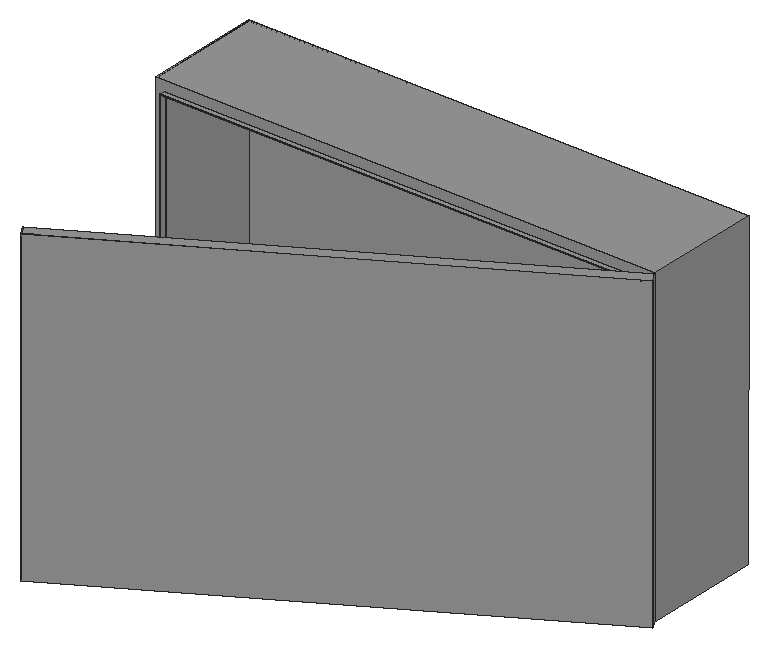
Revit family "Hager-Univers-IP44-D205-H500-Cl.I-Encl-NoHosted-SE-en", category Equipement électrique, Revit 2020
Family settings
  Configuration du panneau = Deux colonnes, circuits au sein
  Cote de connecteur circulaire = Utiliser le diamètre
  Type d'élément = Tableau de raccordement
  Basée sur le plan de construction = Oui
  Toujours verticalement = Oui
  Couper avec des vides une fois chargée = Non
  Partagée = Non
  Point de calcul de pièce = Non
Parameters (values of type "Surface mounted (plaster) IP44 W800 H500 D205  - FP33TN2")
  Width Control [instance] = if([EF000008 - Width] > Min Width, [EF000008 - Width], Min Width)  # 800 mm
  Commentaires du type = [HG000003 - Range]  # "Univers"
  Thickness Door [instance] = if([EF009171 - Material plate thickness door/cover] > 3 mm, 3 mm, [EF009171 - Material plate thickness door/cover])  # 1 mm
  Seal Frame Offset [instance] = 17 mm  # constant formula
  Plinth Visibility [instance] = [HG000027 - Plinth height] > 0 mm  # no
  Min Width [instance] = 100 mm  # constant formula
  Min Depth [instance] = (2 * [EF009170 - Material plate thickness cabinet]) + 1 mm  # 3 mm
  Min Height [instance] = 100 mm  # constant formula
  Internal Frame Depth [instance] = (Door System Depth * 0.5)  # 9 mm
  Panel Name [instance] = ""  # (empty or 0)
  Model = ""
  HG000027 - Plinth height = 0 mm
  HG000026 - Floor standing = no
  HG000024 - Bottom section height = 600 mm
  HG000023 - Double section enclosure = no
  HG000016 - Door 3d visibility [instance] = yes
  HG000015 - Clearance visibility [instance] = no
  HG000014 - Door on the right [instance] = yes
  HG000013 - Door on the left [instance] = not([HG000014 - Door on the right])  # no
  HG000012 - Door swing angle [instance] = 30.00°
  HG000010 - Asymmetric doors = no
  HG000009 - Double swing door = no
  HG000006 - Flush mounted = no
  HG000004 - Manufacturer reference = "FP33TN2"
  HG000003 - Range = "Univers"
  HG000002 - With door or cover = yes
  Frame Offset Bottom [instance] = 10 mm  # constant formula
  Frame Offset [instance] = 15 mm  # constant formula
  EF015940 - Cover with overpressure release = no
  EF011959 - Degree of protection (NEMA) = ""
  EF009554 - Number of openings for flange plates = 6
  EF009212 - Cover model = "EV000116 - Closed"
  EF009171 - Material plate thickness door/cover = 1 mm
  EF009170 - Material plate thickness cabinet = 1 mm
  EF008873 - Nominal current (In) = 250 A
  EF007800 - Suitable for lightning protection = no
  EF006306 - With lock = no
  EF006244 - Transparent cover/door = no
  EF005474 - Degree of protection (IP) = "EV006418 - IP44"
  EF004464 - Type of door = "EV002646 - Single"
  EF004427 - Number of modules = 108
  EF004293 - Impact strength = "EV006815 - IK09"
  EF003532 - Suitable for outdoor use = no
  EF002950 - Width in number of modular spacings = 36
  EF001613 - Circuit integrity = "EV000494 - None"
  EF001596 - Material housing = "EV000179 - Steel"
  EF001131 - Internal depth = 205 mm
  EF001088 - Extension possible = yes
  EF000437 - Number of conduit inlets = 6
  EF000339 - Type of cover = "EV001012 - Cover"
  EF000266 - Number of rows = 3
  EF000218 - Built-in depth = 205 mm
  EF000118 - With mounting plate = no
  EF000116 - RAL-number = "9010"
  EF000049 - Depth = 205 mm
  EF000040 - Height = 500 mm
  EF000008 - Width = 800 mm
  EF000007 - Colour = "EV000202 - White"
  EF000003 - Mounting method = "EV000384 - Surface mounted (plaster)"
  Door System Leaf Tolerance [instance] = 1.5 mm  # constant formula
  Door System Depth [instance] = 18 mm  # constant formula
  Door Height [instance] = Height Control - [HG000027 - Plinth height]  # 500 mm
  Description = ""
  Default Elevation = 1219.2 mm
  Connector Offset [instance] = Height Control / 2  # 250 mm
  Fabricant = "Hager"  # constant formula
  Height Control [instance] = if([EF000040 - Height] > Min Height, [EF000040 - Height], Min Height)  # 500 mm
  Depth Control [instance] = if([EF000049 - Depth] > Min Depth, [EF000049 - Depth], Min Depth)  # 205 mm
  Bottom Top Plate Trim [instance] = 1.5 mm  # constant formula
  Plinth height Ctrl [instance] = if([HG000027 - Plinth height] > 0 mm, [HG000027 - Plinth height], 12 mm)  # 12 mm
Types (5, lengths in mm): name | Width Control | HG000010 - Asymmetric doors | HG000009 - Double swing door | HG000004 - Manufacturer reference | EF009554 - Number of openings for flange plates | EF004464 - Type of door | EF004427 - Number of modules | EF002950 - Width in number of modular spacings | EF000437 - Number of conduit inlets | EF000008 - Width
  Surface mounted (plaster) IP44 W1050 H500 D205  - FP34TN2 | 1050 | no | yes | "FP34TN2" | 8 | "EV003602 - Double" | 144 | 48 | 8 | 1050
  Surface mounted (plaster) IP44 W1300 H500 D205  - FP35TN2 | 1300 | yes | yes | "FP35TN2" | 10 | "EV003602 - Double" | 180 | 60 | 10 | 1300
  Surface mounted (plaster) IP44 W300 H500 D205  - FP31TN2 | 300 | no | no | "FP31TN2" | 2 | "EV002646 - Single" | 36 | 12 | 2 | 300
  Surface mounted (plaster) IP44 W550 H500 D205  - FP32TN2 | 550 | no | no | "FP32TN2" | 4 | "EV002646 - Single" | 72 | 24 | 4 | 550
  Surface mounted (plaster) IP44 W800 H500 D205  - FP33TN2 | 800 | no | no | "FP33TN2" | 6 | "EV002646 - Single" | 108 | 36 | 6 | 800
Reference planes
  plane 1 "Center (Front/Back)": y = 0
  plane 2: z = 0
  plane 3 "Center (Left/Right)": x = 0
  plane 4: y = 0
  plane 5: y = 0
  plane 6: z = 0
  plane 7: x = -400
  plane 8: x = 400
  plane 9: x = 399
  plane 10: x = -399
  plane 11: z = 0
  plane 12: z = 1
  plane 13: y = -205
  plane 14: y = -1
  plane 15: x = 0
  plane 16: y = -187
  plane 17: y = -204
  plane 18: y = -186
  plane 19: x = -384
  plane 20: x = 384
  plane 21: z = 11
  plane 22: x = -383
  plane 23: x = 383
  plane 24: z = 0
  plane 25: z = 500
  plane 26: z = 500
  plane 27: z = 484
  plane 28: z = 499
Forms (mm)
  Extrusion 1, solid, material "Hager_Steel_RAL7035_Light_Grey", detail levels medium+fine
    sketch origin (-208.679, -4572, 0) x (-1, 0, 0) y (0, -1, 0)
      loop
        line (191.321, -4385) -> (-608.679, -4385) -> (-608.679, -4572) -> (191.321, -4572) -> (191.321, -4385)
    from 0 to 500
  Extrusion 2, void
    sketch origin (-350.771, -205, 1219.2) x (1, 0, 0) y (0, 0, 1)
      loop
        line (-48.229, -720.2) -> (-48.229, -1218.2) -> (749.771, -1218.2) -> (749.771, -720.2) -> (-48.229, -720.2)
    from -19 to -204
  Extrusion 3, void
    sketch origin (-290.084, -187, 1219.2) x (1, 0, 0) y (0, 0, 1)
      loop
        line (-93.916, -1208.2) -> (674.084, -1208.2) -> (674.084, -735.2) -> (-93.916, -735.2) -> (-93.916, -1208.2)
    from 0 to -1
  Extrusion 4, solid, material "Hager_Steel_RAL7035_Light_Grey", visible <- "Plinth Visibility", detail levels medium+fine
    sketch origin (0, 0, 0) x (1, 0, 0) y (0, 1, 0)
      loop
        line (-400, 0) -> (-400, -187) -> (400, -187) -> (400, 0) -> (-400, 0)
    from 0 to 12 <- "Plinth height Ctrl"
  Extrusion 5, solid, material "Hager_Steel_RAL7035_Light_Grey", detail levels coarse
    sketch origin (0, 0, 0) x (1, 0, 0) y (0, 1, 0)
      loop
        line (-400, 0) -> (-400, -205) -> (400, -205) -> (400, 0) -> (-400, 0)
    from 0 to 500 <- "Height Control"
  Sweep 6, void
    path in 3D
      loop
        line (-400, -187, 12) -> (400, -187, 12) -> (400, 0, 12) -> (-400, 0, 12) -> (-400, -187, 12)
    profile origin (-400, -93.5, 12) x (1, 0, 0) y (0, 0, 1)
      loop
        line (0, 0) -> (0, -1.5) -> (1.5, -1.5)
        arc (1.5, -1.5) -> (1.061, -0.439) -> (0, 0) r 1.5
  Extrusion 7, solid, material "Hager_Steel_RAL7035_Light_Grey", detail levels fine
    sketch origin (-400, -187, 0) x (1, 0, 0) y (0, 0, 1)
      loop
        line (16, 11) -> (784, 11) -> (784, 484) -> (16, 484) -> (16, 11)
      loop
        line (15, 10) -> (785, 10) -> (785, 485) -> (15, 485) -> (15, 10)
    from 0 to 9 <- "Internal Frame Depth"
Cuts and joins
  Extrusion 2, Extrusion 3 cuts Extrusion 1
  Sweep 6 cuts Extrusion 4
Lines and regions (mm)
  Masking region 1
    outline origin (0, 0, 0) x (1, 0, 0) y (0, 1, 0)
      loop
        line (-400, 0) -> (-400, -205) -> (400, -205) -> (400, 0) -> (-400, 0)
  Masking region 2, detail levels coarse
    outline origin (-290.084, -187, 1219.2) x (-1, 0, 0) y (0, 0, 1)
      loop
        line (-690.084, -1219.2) -> (109.916, -1219.2) -> (109.916, -719.2) -> (-690.084, -719.2) -> (-690.084, -1219.2)
  Masking region 3, detail levels coarse
    outline origin (0, 0, 0) x (0, 1, 0) y (0, 0, 1)
      loop
        line (0, 0) -> (0, 500) -> (-205, 500) -> (-205, 0) -> (0, 0)
  Masking region 4, visible <- "Plinth Visibility", detail levels medium+fine
    outline origin (0, 0, 0) x (0, 1, 0) y (0, 0, 1)
      loop
        line (-1.5, 12) -> (-185.5, 12)
        arc (-185.5, 12) -> (-185.939, 10.939) -> (-187, 10.5) r 1.5
        line (-187, 10.5) -> (-187, 0) -> (0, 0) -> (0, 10.5)
        arc (0, 10.5) -> (-1.061, 10.939) -> (-1.5, 12) r 1.5
  Masking region 5, detail levels medium+fine
    outline origin (0, 0, 594.038) x (0, 1, 0) y (0, 0, 1)
      loop
        line (0, -594.038) -> (0, -94.038) -> (-187, -94.038) -> (-187, -594.038) -> (0, -594.038)
  Masking region 6, detail levels medium+fine
    outline origin (-359.7, -187, 1211.883) x (-1, 0, 0) y (0, 0, 1)
      loop
        line (-759.7, -1211.883) -> (40.3, -1211.883) -> (40.3, -711.883) -> (-759.7, -711.883) -> (-759.7, -1211.883)
  Masking region 7, visible <- "Plinth Visibility", detail levels medium+fine
    outline origin (-320.334, -187, 1041.368) x (-1, 0, 0) y (0, 0, 1)
      loop
        line (-720.334, -1041.368) -> (79.666, -1041.368) -> (79.666, -1030.868)
        arc (79.666, -1030.868) -> (78.606, -1030.429) -> (78.166, -1029.368) r 1.5
        line (78.166, -1029.368) -> (-718.834, -1029.368)
        arc (-718.834, -1029.368) -> (-719.273, -1030.429) -> (-720.334, -1030.868) r 1.5
        line (-720.334, -1030.868) -> (-720.334, -1041.368)
  sketch lines
    curve 1: line (-400, 0, 12) -> (-400, -187, 12)
    curve 2: line (-400, -187, 12) -> (400, -187, 12)
    curve 3: line (400, 0, 12) -> (-400, 0, 12)
    curve 4: line (400, -187, 12) -> (400, 0, 12)
Dimensions and locks
  locked: plane 1 "Center (Front/Back)" to plane 5
  "EF009170 - Material plate thickness cabinet": plane 7 to plane 10
  "EF009170 - Material plate thickness cabinet": plane 8 to plane 9
  equal spacing: plane 7, plane 3 "Center (Left/Right)", plane 8
  "Width Control": plane 7 to plane 8
  "Depth Control": plane 4 to plane 13
  "EF009170 - Material plate thickness cabinet": plane 4 to plane 14
  "Height Control": plane 25 to level
  "HG000027 - Plinth height": plane 11 to level
  "EF009170 - Material plate thickness cabinet": plane 12 to plane 11
  "EF009170 - Material plate thickness cabinet": plane 17 to plane 13
  "EF009170 - Material plate thickness cabinet": plane 18 to plane 16
  "Frame Offset Bottom": plane 21 to plane 12
  "Frame Offset": plane 10 to plane 19
  "Frame Offset": plane 9 to plane 20
  "Door System Depth": plane 16 to plane 13
  "Seal Frame Offset": plane 7 to plane 22
  "Seal Frame Offset": plane 8 to plane 23
  "EF009170 - Material plate thickness cabinet": plane 26 to plane 28
  "Frame Offset": plane 28 to plane 27
  "Connector Offset": plane 2 to connector elem
  "Bottom Top Plate Trim": profile plane to Sweep 6 sketch curve
  "Bottom Top Plate Trim": Sweep 6 sketch curve to Sweep 6 sketch curve
  "Plinth height Ctrl": Masking region 4 sketch curve to level
  "Plinth height Ctrl": Masking region 7 sketch curve to level
  "Thickness Door": Extrusion 7 sketch curve to Extrusion 7 sketch curve  (x4)
  "Bottom Top Plate Trim": radius of Sweep 6 sketch curve
  "Bottom Top Plate Trim": radius of Masking region 4 sketch curve  (x2)
  "Bottom Top Plate Trim": radius of Masking region 7 sketch curve  (x2)
  aligned and locked: Extrusion 2 sketch curve to plane 12
  aligned and locked: Extrusion 2 sketch curve to plane 9
  aligned and locked: Extrusion 2 sketch curve to plane 10
  aligned and locked: Extrusion 2 to plane 14
  aligned and locked: Extrusion 1 sketch curve to plane 4
  aligned and locked: plane 8 to Extrusion 1 sketch curve
  aligned and locked: plane 7 to Extrusion 1 sketch curve
  aligned and locked: Extrusion 2 to plane 18
  aligned and locked: plane 19 to Extrusion 3 sketch curve
  aligned and locked: plane 20 to Extrusion 3 sketch curve
  aligned and locked: Extrusion 3 to Extrusion 2
  aligned and locked: Extrusion 3 sketch curve to plane 21
  aligned and locked: plane 3 "Center (Left/Right)" to nested 1
  aligned and locked: Extrusion 1 sketch curve to plane 16
  aligned and locked: Extrusion 4 sketch curve to cut or joined group of Extrusion 1, Extrusion 2, Extrusion 3
  aligned and locked: Masking region 1 sketch curve to plane 7
  aligned and locked: Masking region 1 sketch curve to plane 5
  aligned and locked: Masking region 1 sketch curve to plane 8
  aligned and locked: Masking region 2 sketch curve to level
  aligned and locked: level to Masking region 3 sketch curve
  aligned and locked: plane 1 "Center (Front/Back)" to Masking region 3 sketch curve
  aligned and locked: plane 13 to Masking region 3 sketch curve
  aligned and locked: plane 5 to Masking region 4 sketch curve
  aligned and locked: Masking region 2 sketch curve to plane 8
  aligned and locked: Masking region 2 sketch curve to plane 7
  aligned and locked: plane 7 to nested 2
  aligned and locked: nested 2 to plane 5
  aligned and locked: plane 5 to Masking region 5 sketch curve
  aligned and locked: plane 26 to Masking region 5 sketch curve
  aligned and locked: Extrusion 5 sketch curve to plane 8
  aligned and locked: Extrusion 5 sketch curve to plane 7
  aligned and locked: Extrusion 5 sketch curve to plane 5
  aligned and locked: Extrusion 3 sketch curve to plane 27
  aligned and locked: Extrusion 2 sketch curve to plane 28
  aligned and locked: Masking region 2 to plane 25
  aligned and locked: Extrusion 4 to plane 16
  aligned and locked: profile plane to Sweep 6 sketch curve
  aligned and locked: Masking region 5 sketch curve to plane 24
  aligned and locked: level to Masking region 4 sketch curve
  aligned and locked: Masking region 1 to plane 13
  aligned and locked: nested 1 to plane 16
  aligned and locked: Masking region 3 to plane 25
  aligned and locked: plane 16 to Masking region 4 sketch curve
  aligned and locked: Masking region 5 sketch curve to plane 16
  aligned and locked: plane 24 to plane 11
  aligned and locked: plane 26 to plane 25
  aligned and locked: plane 26 to cut or joined group of Extrusion 1, Extrusion 2, Extrusion 3
  aligned and locked: nested 1 to plane 24
  aligned and locked: Extrusion 1 to Extrusion 3
  aligned and locked: Masking region 6 sketch curve to plane 8
  aligned and locked: Masking region 6 sketch curve to plane 24
  aligned and locked: Masking region 6 sketch curve to plane 7
  aligned and locked: Masking region 6 sketch curve to plane 26
  aligned and locked: Masking region 7 sketch curve to plane 7
  aligned and locked: level to Masking region 7 sketch curve
  aligned and locked: Masking region 7 sketch curve to plane 8
  aligned and locked: Extrusion 7 sketch curve to cut or joined group of Extrusion 1, Extrusion 2, Extrusion 3  (x4)
Automatic sketch dimensions
  plane 19 to Extrusion 3 sketch curve = 0 mm
  Extrusion 3 sketch curve to plane 20 = 0 mm
  Extrusion 3 sketch curve to plane 21 = 0 mm
  Extrusion 4 sketch curve to plane 7 = 0 mm
  Extrusion 4 sketch curve to plane 8 = 0 mm
  Extrusion 4 sketch curve to plane 16 = 0 mm
  Masking region 1 sketch curve to plane 13 = 0 mm
  Masking region 2 sketch curve to plane 25 = 0 mm
  Masking region 3 sketch curve to plane 25 = 0 mm
  Extrusion 5 sketch curve to plane 13 = 0 mm
  profile plane to Sweep 6 sketch curve = 0 mm
Nested families
  nested 1: "EC000058_Univers_Door" at (0, -187, 0), Double <- "HG000009 - Double swing door", Transparent <- "EF006244 - Transparent cover/door", Angle <- "HG000012 - Door swing angle", Door_Right <- "HG000014 - Door on the right", Assymetrical <- "HG000010 - Asymmetric doors", Door <- "HG000002 - With door or cover", Width_Ctrl <- "Width Control", 3d_Door <- "HG000016 - Door 3d visibility", Clearance <- "HG000015 - Clearance visibility", Door_Left <- "HG000013 - Door on the left", Width <- "Width Control", Door_Depth <- "Door System Depth", Leaf_Tolerance <- "Door System Leaf Tolerance", Height <- "Door Height", Lock_Visibility <- "EF006306 - With lock", Thickness <- "Thickness Door", type "EC000058_Univers_Door", detail levels medium+fine
    with min_wh 3 mm, Width_Ctrl 800 mm, Width 800 mm, Transparent no, Thickness 1 mm, Seal_Material Hager_Rubber, Lock_Visibility no, Lock_Material Hager_Plastic_RAL9005_Jet_Black, Leaf_Width 800 mm, Leaf_Tolerance_External_Sides 0 mm, Leaf_Tolerance 1.5 mm, Leaf_Offset 0 mm, Leaf_Height 497 mm, Leaf_2_Width 800 mm, Leaf_2_Offset 400 mm, Leaf_1_Width 800 mm, Leaf_1_Offset 400 mm, Height_Ctrl 500 mm, Height 500 mm, Glass_Material Hager_Glass, Double_Clearance_Ctrl no, Double no, Door_Right_Ctrl yes, Door_Right yes, Door_Material Hager_Steel_RAL7035_Light_Grey, Door_Left_Ctrl no, Door_Left no, Door_Depth 18 mm, Door yes, Clearance_Material Hager_Clearance, Clearance_Depth 800 mm, Clearance_Ctrl no, Clearance no, Assymetrical no, Angle 30.00°, 3d_Door yes
  nested 2: "Hager_Enclosure_Symbol" at (-400, 0, 0), Height <- "Depth Control", Width <- "Width Control", type "Hager_Enclosure_Symbol"
    with Width_Ctrl 800 mm, Width 800 mm, Height_Ctrl 205 mm, Height 205 mm, A_Width_Int 13.453 mm, A_Width 161.438 mm, A_Height_Ctrl 179.375 mm, A_Height 179.375 mm
Connectors
  electrical at (0, 0, 250)
    settings: on plane 1 "Center (Front/Back)", index 1, voltage 0 V, apparent load 0 VA, apparent load phase1 0 VA, apparent load phase2 0 VA, apparent load phase3 0 VA, power factor 1, load classification "Other", number of poles 1, system type 30, power factor state 1, is connector primary yes, connector utility no, sub classification motor no, connector description ""
Definition of nested family "EC000058_Univers_Door"
  Parameters (values of type "EC000058_Univers_Door")
    min_wh [instance] = (2 * Thickness) + 1 mm  # 11 mm
    Width_Ctrl [instance] = 400 mm
    Width [instance] = 500 mm
    Transparent [instance] = yes
    Thickness [instance] = 5 mm
    Seal_Material [instance] = none
    Lock_Visibility [instance] = yes
    Lock_Material [instance] = none
    Leaf_Width [instance] = if((Width_Ctrl - 2 * Leaf_Tolerance_External_Sides) > 0 mm, (Width_Ctrl - 2 * Leaf_Tolerance_External_Sides), min_wh)  # 400 mm
    Leaf_Tolerance_External_Sides [instance] = 0 mm  # constant formula
    Leaf_Tolerance [instance] = 1.5 mm
    Leaf_Offset [instance] = 0 mm  # constant formula
    Leaf_Height [instance] = if((Height_Ctrl - 2 * Leaf_Tolerance) > 0 mm, (Height_Ctrl - 2 * Leaf_Tolerance), min_wh)  # 497 mm
    Leaf_2_Width [instance] = if(and(and(Double, Assymetrical), Door_Left), (Leaf_Width / 3) - (Leaf_Tolerance / 2), if(and(and(Double, Assymetrical), Door_Right), (Leaf_Width / 3) * 2 - (Leaf_Tolerance / 2), if(and(Double, not(Assymetrical)), (Leaf_Width / 2) - Leaf_Tolerance, Leaf_Width)))  # 400 mm
    Leaf_2_Offset [instance] = if(and(Double, Assymetrical), Leaf_2_Width / 2, if(and(Double, not(Assymetrical)), Leaf_Width / 4, Leaf_Width / 2))  # 200 mm
    Leaf_1_Width [instance] = if(and(and(Double, Assymetrical), Door_Right), (Leaf_Width / 3) - (Leaf_Tolerance / 2), if(and(and(Double, Assymetrical), Door_Left), (Width / 3) * 2 - (Leaf_Tolerance / 2), if(and(Double, not(Assymetrical)), (Leaf_Width / 2) - Leaf_Tolerance, Leaf_Width)))  # 400 mm
    Leaf_1_Offset [instance] = if(and(Double, Assymetrical), Leaf_1_Width / 2, if(and(Double, not(Assymetrical)), Leaf_Width / 4, Leaf_Width / 2))  # 200 mm
    Height_Ctrl [instance] = if(Height > min_wh, Height, min_wh)  # 500 mm
    Height [instance] = 500 mm
    Glass_Material [instance] = none
    Double_Clearance_Ctrl [instance] = and(Double, Clearance)  # no
    Double [instance] = no
    Door_Right_Ctrl [instance] = and(or(Door_Right, Double), Door)  # yes
    Door_Right [instance] = yes
    Door_Material [instance] = none
    Door_Left_Ctrl [instance] = and(or(Door_Left, Double), Door)  # no
    Door_Left [instance] = no
    Door_Depth [instance] = 30 mm
    Door [instance] = yes
    Default Elevation = 1219.2 mm
    Clearance_Material [instance] = none
    Clearance_Depth [instance] = if(Leaf_1_Width > Leaf_2_Width, Leaf_1_Width, Leaf_2_Width)  # 400 mm
    Clearance_Ctrl [instance] = and(not(Double), Clearance)  # yes
    Clearance [instance] = yes
    Assymetrical [instance] = yes
    Angle [instance] = 30.00°
    3d_Door [instance] = yes
  Reference planes
    plane 1 "Center (Front/Back)": y = 0
    plane 2 "Bottom": z = 0
    plane 3 "Center (Left/Right)": x = 0
    plane 4: z = 500
    plane 5: x = -200
    plane 6: x = 200
    plane 7: z = 500
    plane 8: x = -200
    plane 9: z = 0
    plane 10: x = 200
    plane 11: y = 0
    plane 12: z = 1.5
    plane 13: x = -600
    plane 14: y = -400
    plane 15: x = 600
    plane 16: x = 0
    plane 17: x = 0
    plane 18: x = -200
    plane 19: x = 200
    plane 20: z = 498.5
  Forms (mm)
    Extrusion 1, solid, material <- "Clearance_Material", visible <- "Double_Clearance_Ctrl"
      sketch origin (1200, 0, 0) x (1, 0, 0) y (0, 0, -1)
        loop
          line (-1800, -498.5) -> (-600, -498.5) -> (-600, 0) -> (-1800, 0) -> (-1800, -498.5)
      from 0 to -400
  Dimensions and locks
    equal spacing: plane 5, plane 3 "Center (Left/Right)", plane 6
    "Width_Ctrl": plane 5 to plane 6
    "Leaf_Offset": plane 5 to plane 8
    "Leaf_Offset": plane 6 to plane 10
    "Leaf_Offset": plane 9 to level
    "Leaf_Offset": plane 4 to plane 7
    "Height_Ctrl": plane 4 to level
    "Leaf_Tolerance": plane 12 to plane 9
    locked: plane 11 to plane 1 "Center (Front/Back)"
    "Leaf_1_Offset": plane 18 to plane 16
    "Leaf_2_Offset": plane 17 to plane 19
    "Leaf_1_Width": plane 13 to plane 8
    "Leaf_2_Width": plane 10 to plane 15
    "Clearance_Depth": plane 14 to plane 1 "Center (Front/Back)"
    "Leaf_Tolerance_External_Sides": plane 8 to plane 18
    "Leaf_Tolerance_External_Sides": plane 19 to plane 10
    "Leaf_Tolerance": plane 7 to plane 20
    aligned and locked: level to plane 2 "Bottom"
    aligned and locked: nested 1 to plane 16
    aligned and locked: nested 2 to plane 17
    aligned and locked: Extrusion 1 to plane 13
    aligned and locked: plane 15 to Extrusion 1
    aligned and locked: Extrusion 1 to plane 14
    aligned and locked: plane 12 to nested 1
    aligned and locked: nested 2 to plane 12
    aligned and locked: Extrusion 1 to plane 11
    aligned and locked: plane 20 to Extrusion 1
    aligned and locked: nested 2 to plane 11
    aligned and locked: nested 1 to plane 11
  Automatic sketch dimensions
    Extrusion 1 sketch curve to level = 0 mm
    plane 5 to Extrusion 1 sketch curve = 400 mm
    plane 6 to Extrusion 1 sketch curve = 400 mm
    Extrusion 1 sketch curve to plane 4 = 1.5 mm
  Nested families
    nested 1: "EC000058_Univers_Door_Leaf" at (0, 0, 1.5), Width <- "Leaf_1_Width", visible <- "Door_Left_Ctrl", Leaf_Height <- "Leaf_Height", Angle <- "Angle", 3d_Door <- "3d_Door", Transparent <- "Transparent", Clearance Material <- "Clearance_Material", Clearance <- "Clearance_Ctrl", Door_Material <- "Door_Material", Glass_Material <- "Glass_Material", Door_Depth <- "Door_Depth", Lock_Material <- "Lock_Material", Seal_Material <- "Seal_Material", Lock_Visibility <- "Lock_Visibility", Thickness <- "Thickness", type "EC000058_Univers_Door_Leaf"
      with Width 400 mm, Transparent_Glass_Offset 30 mm, Transparent_Ctrl yes, Transparent yes, Thickness 5 mm, Standard no, Seal_Material none, Seal_D2 8 mm, Seal_D1 1 mm, Offset_Internal_Frame 10 mm, Lock_Width 20 mm, Lock_Visibility_3d yes, Lock_Visibility yes, Lock_Thickness_3 3 mm, Lock_Thickness_2 1 mm, Lock_Thickness_1 3 mm, Lock_Radius_Offset_2 16 mm, Lock_Radius_Offset_1 15 mm, Lock_Radius_2 5 mm, Lock_Radius 6 mm, Lock_Offset 5 mm, Lock_Material none, Lock_Height 80 mm, Lock_Cover_Top_Offset_2d 17 mm, Lock_Cover_Height -65 mm, Leaf_Height 497 mm, Internal_Seal_Thickness 8 mm, Internal_Seal_Depth_2 4.5 mm, Internal_Frame_Depth 25 mm, Glass_Thickness -1 mm, Glass_Offset -2 mm, Glass_Material none, Door_Material none, Door_Depth 30 mm, Clearance Material none, Clearance yes, Angle_Ctrl 30.00°, Angle 30.00°, 3d_Door yes
    nested 2: "EC000058_Univers_Door_Leaf" at (0, 0, 1.5) x (-1, 0, 0) z (0, 0, 1), Width <- "Leaf_2_Width", visible <- "Door_Right_Ctrl", Leaf_Height <- "Leaf_Height", Angle <- "Angle", 3d_Door <- "3d_Door", Transparent <- "Transparent", Clearance Material <- "Clearance_Material", Clearance <- "Clearance_Ctrl", Door_Material <- "Door_Material", Glass_Material <- "Glass_Material", Door_Depth <- "Door_Depth", Lock_Material <- "Lock_Material", Seal_Material <- "Seal_Material", Lock_Visibility <- "Lock_Visibility", Thickness <- "Thickness", type "EC000058_Univers_Door_Leaf"
      with Width 400 mm, Transparent_Glass_Offset 30 mm, Transparent_Ctrl yes, Transparent yes, Thickness 5 mm, Standard no, Seal_Material none, Seal_D2 8 mm, Seal_D1 1 mm, Offset_Internal_Frame 10 mm, Lock_Width 20 mm, Lock_Visibility_3d yes, Lock_Visibility yes, Lock_Thickness_3 3 mm, Lock_Thickness_2 1 mm, Lock_Thickness_1 3 mm, Lock_Radius_Offset_2 16 mm, Lock_Radius_Offset_1 15 mm, Lock_Radius_2 5 mm, Lock_Radius 6 mm, Lock_Offset 5 mm, Lock_Material none, Lock_Height 80 mm, Lock_Cover_Top_Offset_2d 17 mm, Lock_Cover_Height -65 mm, Leaf_Height 497 mm, Internal_Seal_Thickness 8 mm, Internal_Seal_Depth_2 4.5 mm, Internal_Frame_Depth 25 mm, Glass_Thickness -1 mm, Glass_Offset -2 mm, Glass_Material none, Door_Material none, Door_Depth 30 mm, Clearance Material none, Clearance yes, Angle_Ctrl 30.00°, Angle 30.00°, 3d_Door yes
  Definition of nested family "EC000058_Univers_Door_Leaf"
    Parameters (values of type "EC000058_Univers_Door_Leaf")
      Width [instance] = 2000 mm
      Transparent_Glass_Offset [instance] = 30 mm
      Transparent_Ctrl [instance] = and(Transparent, [3d_Door])  # yes
      Transparent [instance] = yes
      Thickness [instance] = 5 mm
      Standard [instance] = and(not(Transparent), [3d_Door])  # no
      Seal_Material [instance] = none
      Seal_D2 [instance] = 8 mm  # constant formula
      Seal_D1 [instance] = 1 mm  # constant formula
      Offset_Internal_Frame [instance] = 10 mm  # constant formula
      Lock_Width [instance] = 20 mm  # constant formula
      Lock_Visibility_3d [instance] = and(Lock_Visibility, [3d_Door])  # yes
      Lock_Visibility [instance] = yes
      Lock_Thickness_3 [instance] = 3 mm  # constant formula
      Lock_Thickness_2 [instance] = 1 mm  # constant formula
      Lock_Thickness_1 [instance] = 3 mm  # constant formula
      Lock_Radius_Offset_2 [instance] = Lock_Radius_Offset_1 + 1 mm  # 16 mm
      Lock_Radius_Offset_1 [instance] = 15 mm  # constant formula
      Lock_Radius_2 [instance] = Lock_Radius - 1 mm  # 5 mm
      Lock_Radius [instance] = 6 mm  # constant formula
      Lock_Offset [instance] = 5 mm  # constant formula
      Lock_Material [instance] = none
      Lock_Height [instance] = 80 mm  # constant formula
      Lock_Cover_Top_Offset_2d [instance] = Lock_Radius_Offset_2 + 1 mm  # 17 mm
      Lock_Cover_Height [instance] = -(Lock_Height - Lock_Radius_Offset_1)  # -65 mm
      Leaf_Height [instance] = 2720.336 mm
      Internal_Seal_Thickness [instance] = 8 mm  # constant formula
      Internal_Seal_Depth_2 [instance] = 4.5 mm  # constant formula
      Internal_Frame_Depth [instance] = if(Door_Depth - Thickness > 5 mm, Door_Depth - Thickness, 5 mm)  # 25 mm
      Glass_Thickness [instance] = if(Thickness > 15 mm, Glass_Offset + 10 mm, -1 mm)  # -1 mm
      Glass_Offset [instance] = if(Thickness > 15 mm, -(Thickness + 10 mm) / 2, -2 mm)  # -2 mm
      Glass_Material [instance] = none
      Door_Material [instance] = none
      Door_Depth [instance] = 30 mm
      Default Elevation = 0 mm
      Clearance Material [instance] = none
      Clearance [instance] = yes
      Angle_Ctrl [instance] = if(Angle > 180.00°, 180.00°, Angle)  # 90.00°
      Angle [instance] = 90.00°
      3d_Door [instance] = yes
    Reference planes
      plane 1 "Center (Front/Back)": y = 0
      plane 2: z = 0
      plane 3 "Center (Left/Right)": x = 0
      plane 4: y = 2000
      plane 5: x = -1000
      plane 6: x = 1000
      plane 7: x = -3000
      plane 8: z = 2720.336
      plane 9: z = 30
      plane 10: z = 2690.336
      plane 11: x = 970
      plane 12: x = -970
      plane 13: y = -3
      plane 14: z = 107.833
      plane 15: y = -5
      plane 16: y = -223.314
      plane 17: x = -1000
      plane 18: z = 1360.168
      plane 19: y = 30
    Forms (mm)
      Extrusion 1, solid, material <- "Clearance Material", visible <- "Clearance"
        sketch origin (0, 0, 0) x (1, 0, 0) y (0, 0, 1)
          loop
            line (-3000, 2720.336) -> (-3000, 0) -> (1000, 0) -> (1000, 2720.336) -> (-3000, 2720.336)
        from 0 to -2000
      Extrusion 2, solid, material <- "Door_Material", visible <- "Standard", detail levels medium+fine
        sketch origin (-1000, 0, 0) x (0, 1, 0) y (-1, 0, 0)
          loop
            line (0, 30) -> (0, 25) -> (2000, 25) -> (2000, 30) -> (0, 30)
        from 0 to 2720.336 <- "Leaf_Height"
      Extrusion 3, solid, material <- "Door_Material", visible <- "Transparent_Ctrl", detail levels medium+fine
        sketch origin (-1000, 0, 0) x (0, 1, 0) y (-1, 0, 0)
          loop
            line (0, 25) -> (2000, 25) -> (2000, 30) -> (0, 30) -> (0, 25)
        from 0 to 2720.336 <- "Leaf_Height"
      Extrusion 4, void
        sketch origin (-1025, 2000, 0) x (0, 1, 0) y (0, 0, -1)
          loop
            line (-30, -2690.336) -> (-30, -30) -> (-1970, -30) -> (-1970, -2690.336) -> (-30, -2690.336)
        from 0 to 5 <- "Thickness"
      Sweep 5, solid, material <- "Seal_Material", visible <- "Transparent_Ctrl", detail levels fine
        path in 3D
          loop
            line (-1025, 30, 30) -> (-1025, 30, 2690.336) -> (-1025, 1970, 2690.336) -> (-1025, 1970, 30) -> (-1025, 30, 30)
        profile origin (-1025, 1000, 30) x (1, 0, 0) y (0, 0, 1)
          loop
            line (0, 0) -> (0, -8) -> (1, -8) -> (1, 0) -> (0, 0)
      Extrusion 6, solid, material <- "Glass_Material", visible <- "Transparent_Ctrl", detail levels medium+fine
        sketch origin (-1030, 0, 0) x (0, 1, 0) y (0, 0, -1)
          loop
            line (1970, -2690.336) -> (1970, -30) -> (30, -30) -> (30, -2690.336) -> (1970, -2690.336)
        from -2 <- "Glass_Offset" to -1 <- "Glass_Thickness"
      Extrusion 7, solid, material <- "Door_Material", visible <- "3d_Door", detail levels medium+fine
        sketch origin (-1025, 2000, 0) x (0, -1, 0) y (0, 0, -1)
          loop
            line (0, -2720.336) -> (2000, -2720.336) -> (2000, 0) -> (0, 0) -> (0, -2720.336)
          loop
            line (1995, -5) -> (5, -5) -> (5, -2715.336) -> (1995, -2715.336) -> (1995, -5)
        from 0 to 25 <- "Internal_Frame_Depth"
      Sweep 8, solid, material <- "Seal_Material", visible <- "Transparent_Ctrl", detail levels fine
        path in 3D
          loop
            line (-1025, 0, 0) -> (-1025, 2000, 0) -> (-1025, 2000, 2720.336) -> (-1025, 0, 2720.336) -> (-1025, 0, 0)
        profile origin (-1025, 0, 1360.168) x (1, 0, 0) y (0, 1, 0)
          loop
            line (0, 10) -> (2.975, 10)
            arc (2.975, 10) -> (4.053, 10.447) -> (4.5, 11.525) r 1.525
            line (4.5, 11.525) -> (4.5, 16.527)
            arc (4.5, 16.527) -> (4.069, 17.569) -> (3.027, 18) r 1.473
            line (3.027, 18) -> (0, 18) -> (0, 10)
      Extrusion 9, solid, material <- "Lock_Material", visible <- "Lock_Visibility_3d", detail levels fine
        sketch origin (-1030, 0, 0) x (0, 1, 0) y (0, 0, -1)
          loop
            arc (1993.5, -1400.168) -> (1994.561, -1399.729) -> (1995, -1398.668) r 1.5
            line (1995, -1398.668) -> (1995, -1320.168) -> (1975, -1320.168) -> (1975, -1398.668)
            arc (1975, -1398.668) -> (1975.439, -1399.729) -> (1976.5, -1400.168) r 1.5
            line (1976.5, -1400.168) -> (1993.5, -1400.168)
        from 3 <- "Lock_Thickness_1" to 0
      Blend 10, solid, material <- "Lock_Material", visible <- "Lock_Visibility_3d", detail levels fine
        base sketch origin (-1033, 0, 0) x (0, 1, 0) y (0, 0, -1)
          loop
            line (1975, -1320.168) -> (1975, -1398.668)
            arc (1975, -1398.668) -> (1975.439, -1399.729) -> (1976.5, -1400.168) r 1.5
            line (1976.5, -1400.168) -> (1993.5, -1400.168)
            arc (1993.5, -1400.168) -> (1994.561, -1399.729) -> (1995, -1398.668) r 1.5
            line (1995, -1398.668) -> (1995, -1320.168) -> (1975, -1320.168)
        top sketch origin (-1033, 0, 0) x (0, 1, 0) y (0, 0, -1)
          loop
            line (1976, -1320.168) -> (1976, -1398.668)
            arc (1976, -1398.668) -> (1976.146, -1399.022) -> (1976.5, -1399.168) r 0.5
            line (1976.5, -1399.168) -> (1993.5, -1399.168)
            arc (1993.5, -1399.168) -> (1993.854, -1399.022) -> (1994, -1398.668) r 0.5
            line (1994, -1398.668) -> (1994, -1320.168) -> (1976, -1320.168)
        from 0 to 1 <- "Lock_Thickness_2"
      Blend 11, solid, material <- "Lock_Material", visible <- "Lock_Visibility_3d", detail levels fine
        base sketch origin (-1034, 0, 0) x (0, 1, 0) y (0, 0, -1)
          loop
            line (1978, -1320.168) -> (1978, -1384.168)
            arc (1978, -1384.168) -> (1985, -1391.168) -> (1992, -1384.168) r 7
            line (1992, -1384.168) -> (1992, -1320.168) -> (1978, -1320.168)
        top sketch origin (-1034, 0, 0) x (0, 1, 0) y (0, 0, -1)
          loop
            line (1991, -1320.168) -> (1979, -1320.168) -> (1979, -1383.168)
            arc (1979, -1383.168) -> (1985, -1389.168) -> (1991, -1383.168) r 6
            line (1991, -1383.168) -> (1991, -1320.168)
        from 0 to 3 <- "Lock_Thickness_3"
      Extrusion 12, solid, material <- "Lock_Material", visible <- "Lock_Visibility_3d", detail levels fine
        sketch origin (-1030, 1975, 1320.168) x (1, 0, 0) y (0, -1, 0)
          loop
            line (-7, -19) -> (-7, -1) -> (0, -1) -> (0, 0) -> (-8, 0) -> (-8, -20) -> (0, -20) -> (0, -19) -> (-7, -19)
        from 0 to -65 <- "Lock_Cover_Height"
      Extrusion 13, void
        sketch origin (-1038, 1995, 1320.168) x (-1, 0, 0) y (0, 0, -1)
          loop
            line (-5, -65) -> (0, -65) -> (-5, -60) -> (-5, -65)
        from 0 to 20 <- "Lock_Width"
      Extrusion 14, void
        sketch origin (-1038, 1975, 1320.168) x (0, -1, 0) y (0, 0, -1)
          loop
            circle (-10, -15.995) r 6
          loop
            circle (-10, -15.995) r 5
        from 0 to 2
      Extrusion 15, solid, material <- "Lock_Material", visible <- "Lock_Visibility_3d", detail levels medium
        sketch origin (-1030, 0, 0) x (0, 1, 0) y (0, 0, -1)
          loop
            arc (1993.5, -1400.168) -> (1994.561, -1399.729) -> (1995, -1398.668) r 1.5
            line (1995, -1398.668) -> (1995, -1320.168) -> (1975, -1320.168) -> (1975, -1398.668)
            arc (1975, -1398.668) -> (1975.439, -1399.729) -> (1976.5, -1400.168) r 1.5
            line (1976.5, -1400.168) -> (1993.5, -1400.168)
        from 8 to 0
    Cuts and joins
      Extrusion 4 cuts Extrusion 3
      Extrusion 13, Extrusion 14 cuts Extrusion 9
      Extrusion 14 cuts Blend 11
      Extrusion 13, Extrusion 14 cuts Extrusion 12
      joined: Extrusion 9, Blend 10, Blend 11, Extrusion 12
      Extrusion 14 cuts Extrusion 15
    Lines and regions (mm)
      Masking region 1, visible <- "Lock_Visibility", detail levels fine
        outline origin (0, 0, 0) x (0, 1, 0) y (0, 0, 1)
          loop
            line (30, 1320.168) -> (33, 1320.168) -> (33, 1400.168) -> (30, 1400.168) -> (30, 1320.168)
      Masking region 2, visible <- "Lock_Visibility", detail levels fine
        outline origin (0, 3.143, 0) x (0, 1, 0) y (0, 0, 1)
          loop
            line (29.857, 1354.168) -> (30.857, 1354.168) -> (30.857, 1366.168) -> (29.857, 1366.168) -> (29.857, 1354.168)
      Masking region 3, detail levels medium+fine
        outline origin (0, 0, 0) x (0, 1, 0) y (0, 0, 1)
          loop
            line (0, 0) -> (30, 0) -> (30, 2720.336) -> (0, 2720.336) -> (0, 0)
      Masking region 4, detail levels medium+fine
        outline origin (0, 0, 0) x (1, 0, 0) y (0, 0, 1)
          loop
            line (-1000, 2720.336) -> (-1000, 0) -> (1000, 0) -> (1000, 2720.336) -> (-1000, 2720.336)
      Masking region 5, visible <- "Lock_Visibility", detail levels fine
        outline origin (-47.116, 0, 0) x (1, 0, 0) y (0, 0, 1)
          loop
            arc (1024.616, 1399.168) -> (1023.556, 1398.729) -> (1023.116, 1397.668) r 1.5
            line (1023.116, 1397.668) -> (1023.116, 1320.168) -> (1041.116, 1320.168) -> (1041.116, 1397.668)
            arc (1041.116, 1397.668) -> (1040.677, 1398.729) -> (1039.616, 1399.168) r 1.5
            line (1039.616, 1399.168) -> (1024.616, 1399.168)
      Masking region 6, visible <- "Lock_Visibility", detail levels medium+fine
        outline origin (-25, 0, 0) x (1, 0, 0) y (0, 0, 1)
          loop
            arc (1001.5, 1400.168) -> (1000.439, 1399.729) -> (1000, 1398.668) r 1.5
            line (1000, 1398.668) -> (1000, 1320.168) -> (1020, 1320.168) -> (1020, 1398.668)
            arc (1020, 1398.668) -> (1019.561, 1399.729) -> (1018.5, 1400.168) r 1.5
            line (1018.5, 1400.168) -> (1001.5, 1400.168)
      Masking region 7, visible <- "Lock_Visibility", detail levels fine
        outline origin (-73.735, 0, 0) x (1, 0, 0) y (0, 0, 1)
          loop
            line (1051.735, 1382.168) -> (1065.735, 1382.168) -> (1065.735, 1384.168)
            arc (1065.735, 1384.168) -> (1058.735, 1391.168) -> (1051.735, 1384.168) r 7
            line (1051.735, 1384.168) -> (1051.735, 1382.168)
      Masking region 8, visible <- "Lock_Visibility", detail levels fine
        outline origin (-73.735, 0, 0) x (1, 0, 0) y (0, 0, 1)
          loop
            line (1052.735, 1382.168) -> (1064.735, 1382.168) -> (1064.735, 1383.168)
            arc (1064.735, 1383.168) -> (1058.735, 1389.168) -> (1052.735, 1383.168) r 6
            line (1052.735, 1383.168) -> (1052.735, 1382.168)
      Masking region 9, visible <- "Lock_Visibility", detail levels fine
        outline origin (-25, 0, 0) x (1, 0, 0) y (0, 0, 1)
          loop
            line (1020, 1320.168) -> (1020, 1382.168) -> (1000, 1382.168) -> (1000, 1320.168) -> (1020, 1320.168)
      Masking region 10, detail levels medium+fine
        outline origin (0, 0, 0) x (1, 0, 0) y (0, 0, 1)
          loop
            circle (985, 1335.144) r 6
      Masking region 11, detail levels fine
        outline origin (0, 0, 0) x (1, 0, 0) y (0, 0, 1)
          loop
            circle (985, 1335.144) r 5
      Masking region 12, visible <- "Lock_Visibility", detail levels fine
        outline origin (0, 12.767, 0) x (0, 1, 0) y (0, 0, 1)
          loop
            line (20.233, 1320.168) -> (21.233, 1320.168) -> (21.233, 1399.168) -> (20.233, 1400.168) -> (20.233, 1320.168)
      Masking region 13, visible <- "Lock_Visibility", detail levels fine
        outline origin (0, 13.767, -10) x (0, 1, 0) y (0, 0, 1)
          loop
            line (20.233, 1330.168) -> (23.233, 1330.168) -> (23.233, 1399.168) -> (20.233, 1402.168) -> (20.233, 1330.168)
      Masking region 14, visible <- "Lock_Visibility", detail levels fine
        outline origin (0, 12.767, -10) x (0, 1, 0) y (0, 0, 1)
          loop
            line (20.233, 1330.168) -> (25.233, 1330.168) -> (25.233, 1399.305) -> (20.233, 1394.305) -> (20.233, 1330.168)
      Masking region 15, visible <- "Lock_Visibility", detail levels medium
        outline origin (0, 0, 0) x (0, 1, 0) y (0, 0, 1)
          loop
            line (30, 1320.168) -> (38, 1320.168) -> (38, 1400.168) -> (30, 1400.168) -> (30, 1320.168)
      Masking region 16, visible <- "Lock_Visibility", detail levels fine
        outline origin (-1000, 0, 0) x (0, 1, 0) y (-1, 0, 0)
          loop
            line (1975, 30) -> (1995, 30) -> (1995, 38) -> (1975, 38) -> (1975, 30)
          loop
            line (1979, 37) -> (1976, 37) -> (1976, 34) -> (1978, 34) -> (1979, 37)
          loop
            line (1994, 37) -> (1991, 37) -> (1992, 34) -> (1994, 34) -> (1994, 37)
      Masking region 17, visible <- "Lock_Visibility", detail levels medium
        outline origin (-1000, 0, 0) x (0, 1, 0) y (-1, 0, 0)
          loop
            line (1975, 30) -> (1995, 30) -> (1995, 38) -> (1975, 38) -> (1975, 30)
      symbolic lines
        curve 1: line (1000, 0, 0) -> (-3000, 0, 0)
        curve 2: arc (1000, 0, 0) -> (-1000, 2000, 0) -> (-3000, 0, 0) r 2000
        curve 4: line (-1030, 0, 0) -> (-1030, 2000, 0)
      reference lines
        curve 3: line (-1000, 0, 0) -> (-1000, 2000, 0)
      symbolic lines, detail levels medium+fine
        curve 5: line (-1030, 2000, 0) -> (-1025, 2000, 0)
        curve 7: line (-1025, 0, 0) -> (-1030, 0, 0)
        curve 8: line (-1025, 0, 0) -> (-1000, 0, 0)
        curve 9: line (-1000, 0, 0) -> (-1000, 2000, 0)
        curve 10: line (-1000, 2000, 0) -> (-1025, 2000, 0)
      symbolic lines, detail levels fine
        curve 6: line (-1025, 2000, 0) -> (-1025, 0, 0)
      sketch lines
        curve 11: line (-1025, 0, 2720.336) -> (-1025, 0, 0)
        curve 12: line (-1025, 2000, 0) -> (-1025, 0, 0)
        curve 13: line (-1025, 2000, 2720.336) -> (-1025, 2000, 0)
        curve 14: line (-1025, 0, 2720.336) -> (-1025, 2000, 2720.336)
        curve 15: line (-1025, 1970, 30) -> (-1025, 30, 30)
        curve 16: line (-1025, 30, 30) -> (-1025, 30, 2690.336)
        curve 17: line (-1025, 1970, 2690.336) -> (-1025, 1970, 30)
        curve 18: line (-1025, 30, 2690.336) -> (-1025, 1970, 2690.336)
      symbolic lines, visible <- "Transparent", detail levels medium+fine
        curve 19: line (-970, 0, 2690.336) -> (970, 0, 2690.336)
        curve 20: line (-970, 0, 30) -> (-970, 0, 2690.336)
        curve 21: line (970, 0, 30) -> (-970, 0, 30)
        curve 22: line (970, 0, 2690.336) -> (970, 0, 30)
    Dimensions and locks
      "Width": plane 1 "Center (Front/Back)" to plane 4
      equal spacing: plane 5, plane 3 "Center (Left/Right)", plane 6
      "Width": plane 5 to plane 6
      "Width": plane 7 to plane 5
      "Leaf_Height": plane 8 to level
      "Width": curve 5 to curve 3
      "Width": curve 3 to curve 3
      plane 8 to plane 10 = 30 mm
      plane 9 to level = 30 mm
      plane 12 to plane 5 = 30 mm
      plane 6 to plane 11 = 30 mm
      Extrusion 1 to Extrusion 4 sketch curve = 30 mm
      "Transparent_Glass_Offset": curve 3 to Extrusion 4 sketch curve
      "Transparent_Glass_Offset": Extrusion 4 sketch curve to cut or joined group of Extrusion 3, Extrusion 4  (x2)
      cut or joined group of Extrusion 3, Extrusion 4 to Extrusion 6 sketch curve = 30 mm
      "Transparent_Glass_Offset": cut or joined group of Extrusion 3, Extrusion 4 to Extrusion 4 sketch curve
      "Thickness": curve 6 to curve 4
      "Thickness": Extrusion 7 sketch curve to Extrusion 7 sketch curve  (x4)
      "Door_Depth": curve 4 to curve 3
      "Offset_Internal_Frame": profile plane to Sweep 8 sketch curve
      "Internal_Seal_Thickness": Sweep 8 sketch curve to Sweep 8 sketch curve
      "Internal_Seal_Depth_2": profile plane to Sweep 8 sketch curve
      "Seal_D1": profile plane to Sweep 5 sketch curve
      "Seal_D2": profile plane to Sweep 5 sketch curve
      "Thickness": Extrusion 2 sketch curve to Extrusion 2 sketch curve
      equal spacing: Extrusion 9 sketch curve, plane 18, Extrusion 9 sketch curve  (x2)
      equal spacing: Masking region 1 sketch curve, plane 18, Masking region 1 sketch curve
      "Lock_Height": Masking region 1 sketch curve to Masking region 1 sketch curve
      "Lock_Radius": Masking region 2 sketch curve to plane 18 to Masking region 2 sketch curve
      Masking region 2 sketch curve to Masking region 1 = 1 mm
      "Door_Depth": plane 19 to plane 1 "Center (Front/Back)"
      "Lock_Thickness_1": Masking region 1 sketch curve to plane 19
      "Lock_Width": Extrusion 9 sketch curve to Extrusion 9 sketch curve
      "Lock_Height": Extrusion 9 sketch curve to Extrusion 9 sketch curve
      "Lock_Offset": cut or joined group of Extrusion 3, Extrusion 4 to Extrusion 9 sketch curve
      equal spacing: plane 8, plane 18, level
      "Lock_Radius_Offset_1": Blend 11 sketch curve to Blend 10
      locked: Blend 10 to Blend 11 sketch curve at 2  (x2)
      locked: var sketch to Blend 11 sketch curve at 1  (x2)
      "Lock_Radius_Offset_2": Blend 11 sketch curve to Blend 10
      locked: Extrusion 12 sketch curve to Extrusion 12 sketch curve at 1  (x3)
      Masking region 6 sketch curve to Masking region 6 sketch curve = 80 mm
      "Lock_Height": Masking region 6 sketch curve to Masking region 6 sketch curve
      "Lock_Width": Masking region 6 sketch curve to Masking region 6 sketch curve
      locked: Masking region 6 to Masking region 5 sketch curve at 1  (x3)
      locked: Masking region 5 to Masking region 7 sketch curve at 2  (x2)
      "Lock_Radius_Offset_1": Masking region 5 to Masking region 7 sketch curve
      "Lock_Radius_Offset_2": Masking region 5 to Masking region 8 sketch curve
      locked: Masking region 7 to Masking region 8 sketch curve at 1  (x2)
      "Lock_Cover_Top_Offset_2d": Masking region 5 to Masking region 9 sketch curve
      equal spacing: Masking region 9, Masking region 10 sketch curve, Masking region 9
      equal spacing: Masking region 9, Masking region 11 sketch curve, Masking region 9
      Extrusion 15 sketch curve to Extrusion 15 sketch curve = 80 mm
      "Lock_Width": Extrusion 15 sketch curve to Extrusion 15 sketch curve
      "Lock_Height": Extrusion 15 sketch curve to Extrusion 15 sketch curve
      equal spacing: Extrusion 15 sketch curve, plane 18, Extrusion 15 sketch curve
      "Lock_Thickness_3": Masking region 13 sketch curve to Masking region 13 sketch curve
      "Lock_Height": Masking region 12 sketch curve to Masking region 12 sketch curve
      locked: Masking region 13 sketch curve to Masking region 1 at 8
      locked: Masking region 14 sketch curve to Masking region 13 at 1
      locked: Masking region 14 sketch curve to Masking region 1 at 10.863
      "Lock_Height": Masking region 15 sketch curve to Masking region 15 sketch curve
      "Lock_Offset": Extrusion 15 sketch curve to cut or joined group of Extrusion 3, Extrusion 4
      "Lock_Offset": plane 6 to Masking region 6 sketch curve
      radius of Sweep 8 sketch curve = 1.525 mm
      radius of Sweep 8 sketch curve = 1.473 mm
      radius of Extrusion 9 sketch curve = 1.5 mm  (x2)
      "Lock_Radius": radius of Extrusion 14 sketch curve
      "Lock_Radius_2": radius of Extrusion 14 sketch curve
      "Lock_Radius": radius of Masking region 10 sketch curve
      "Lock_Radius_2": radius of Masking region 11 sketch curve
      radius of Extrusion 15 sketch curve = 1.5 mm  (x2)
      "Angle_Ctrl": angle plane 1 "Center (Front/Back)" to curve 3
      locked: Masking region 12 sketch curve to Masking region 12 sketch curve (angle 45.00°)
      locked: Masking region 13 sketch curve to Masking region 13 sketch curve (angle 45.00°)
      locked: Masking region 14 sketch curve to Masking region 14 sketch curve (angle 45.00°)
      aligned and locked: level to plane 2
      aligned and locked: Extrusion 1 to curve 1
      aligned and locked: plane 6 to Extrusion 1
      aligned and locked: Extrusion 1 to plane 1 "Center (Front/Back)"
      aligned and locked: plane 4 to Extrusion 1
      aligned and locked: plane 8 to Extrusion 1
      aligned and locked: curve 7 to Extrusion 2 sketch curve
      aligned and locked: curve 5 to Extrusion 2 sketch curve
      aligned and locked: curve 7 to Extrusion 3 sketch curve
      aligned and locked: Extrusion 3 sketch curve to curve 4
      aligned and locked: Extrusion 3 sketch curve to curve 6
      aligned and locked: Extrusion 3 sketch curve to curve 5
      aligned and locked: curve 9 to curve 3
      aligned and locked: Extrusion 7 sketch curve to cut or joined group of Extrusion 3, Extrusion 4  (x4)
      aligned and locked: plane 17 to curve 3
      aligned and locked: plane 1 "Center (Front/Back)" to curve 3
      aligned and locked: plane 17 to plane 5
      aligned and locked: Sweep 8 sketch curve to profile plane
      aligned and locked: Sweep 5 sketch curve to profile plane  (x2)
      aligned and locked: Masking region 1 to Masking region 2 sketch curve
      aligned and locked: plane 19 to Masking region 1 sketch curve
      aligned and locked: plane 1 "Center (Front/Back)" to Masking region 3 sketch curve
      aligned and locked: plane 19 to Masking region 3 sketch curve
      aligned and locked: level to Masking region 3 sketch curve
      aligned and locked: Masking region 3 sketch curve to plane 8
      aligned and locked: plane 17 to Masking region 4 sketch curve
      aligned and locked: level to Masking region 4 sketch curve
      aligned and locked: Masking region 4 sketch curve to plane 8
      aligned and locked: plane 12 to curve 20
      aligned and locked: plane 10 to curve 19
      aligned and locked: plane 11 to curve 22
      aligned and locked: curve 21 to plane 9
      aligned and locked: Extrusion 2 sketch curve to cut or joined group of Extrusion 3, Extrusion 4
      aligned and locked: Blend 10 sketch curve to Extrusion 9  (x4)
      aligned and locked: Extrusion 9 to Blend 10 sketch curve
      aligned and locked: Blend 10 to Blend 11 sketch curve
      aligned and locked: Extrusion 12 sketch curve to Blend 11
      aligned and locked: Extrusion 12 sketch curve to Extrusion 9  (x4)
      aligned and locked: Masking region 5 sketch curve to Masking region 6
      aligned and locked: Masking region 9 sketch curve to Masking region 6  (x3)
      aligned and locked: Masking region 12 sketch curve to Masking region 1
      aligned and locked: Masking region 13 sketch curve to Masking region 1
      aligned and locked: Masking region 12 to Masking region 14
      aligned and locked: Masking region 14 sketch curve to Masking region 1
      aligned and locked: Masking region 15 sketch curve to Masking region 14
      aligned and locked: Masking region 13 sketch curve to Masking region 12
      aligned and locked: Masking region 16 sketch curve to cut or joined group of Extrusion 14, Extrusion 15  (x4)
      aligned and locked: Masking region 16 sketch curve to cut or joined group of Extrusion 9, Blend 10, Blend 11, Extrusion 12, Extrusion 13, Extrusion 14  (x6)
      aligned and locked: cut or joined group of Extrusion 9, Blend 10, Blend 11, Extrusion 12, Extrusion 13, Extrusion 14 to Masking region 16 sketch curve
      aligned and locked: Masking region 17 sketch curve to cut or joined group of Extrusion 14, Extrusion 15  (x3)
      aligned and locked: Masking region 17 sketch curve to cut or joined group of Extrusion 9, Blend 10, Blend 11, Extrusion 12, Extrusion 13, Extrusion 14
      aligned and locked: Masking region 9 to Masking region 8 sketch curve
      aligned and locked: Masking region 9 to Masking region 7 sketch curve
    Automatic sketch dimensions
      plane 1 "Center (Front/Back)" to curve 2 = 0 mm
      curve 2 to plane 5 = 0 mm
      Extrusion 1 sketch curve to level = 0 mm
      Extrusion 1 sketch curve to plane 7 = 0 mm
      Extrusion 1 sketch curve to plane 6 = 0 mm
      Extrusion 1 sketch curve to plane 8 = 0 mm
      Extrusion 3 to Extrusion 6 sketch curve = 30 mm  (x4)
      Masking region 4 sketch curve to plane 6 = 0 mm
      Blend 10 sketch curve to Extrusion 9 = 1.5 mm
      Blend 10 sketch curve to Extrusion 9 = 1 mm
      Extrusion 13 sketch curve to Extrusion 12 = 0 mm  (x2)
      Extrusion 12 to Extrusion 13 sketch curve = 3 mm
      Extrusion 13 sketch curve to Extrusion 12 = 5 mm
      Extrusion 14 sketch curve to Extrusion 14 sketch curve = 0 mm  (x2)
      Extrusion 14 sketch curve to Extrusion 12 = 10 mm
      Extrusion 14 sketch curve to Extrusion 12 = 15.995 mm
      Masking region 5 sketch curve to Masking region 5 sketch curve = 1.5 mm  (x2)
      Masking region 10 sketch curve to plane 18 = 25.024 mm
      Masking region 11 sketch curve to plane 18 = 25.024 mm
      plane 19 to Masking region 14 sketch curve = 3 mm
      Masking region 16 sketch curve to Masking region 16 sketch curve = 3 mm
      curve 4 to curve 3 = 0 mm
      Blend 10 to Blend 11 sketch curve = 0 mm
      Masking region 6 sketch curve to Masking region 6 sketch curve = 1.5 mm  (x2)
      Masking region 6 sketch curve to plane 18 = 40 mm
      plane 19 to Masking region 12 sketch curve = 3 mm
      Masking region 12 sketch curve to Masking region 12 sketch curve = 1 mm
      Masking region 15 sketch curve to plane 19 = 0 mm
      Masking region 15 sketch curve to plane 18 = 40 mm
      radius of Blend 10 sketch curve to Extrusion 9 = 1 mm
Definition of nested family "Hager_Enclosure_Symbol"
  Parameters (values of type "Hager_Enclosure_Symbol")
    Width_Ctrl [instance] = if(Width > 1 mm, Width, 1 mm)  # 102.27 mm
    Width [instance] = 102.27 mm
    Height_Ctrl [instance] = if(Height > 1 mm, Height, 1 mm)  # 66.5 mm
    A_Width_Int [instance] = if(A_Width / 12 > 2 mm, A_Width / 12, 2 mm)  # 4.364 mm
    A_Width [instance] = if(A_Height_Ctrl * 0.9 > 2 mm, A_Height_Ctrl * 0.9, 2 mm)  # 52.369 mm
    A_Height_Ctrl [instance] = if(A_Height > 2 mm, A_Height, 2 mm)  # 58.188 mm
    Height [instance] = 66.5 mm
    A_Height [instance] = Height - (Height / 8)  # 58.188 mm
  Reference planes
    plane 1 "Centre (avant/arrière)": y = 0
    plane 2: z = 0
    plane 3 "Centre (gauche/droite)": x = 0
    plane 4: x = 52.369
    plane 5: y = 33.042
    plane 6: y = 41.77
    plane 7: y = 66.5
    plane 8: x = 26.184
    plane 9: y = 37.406
    plane 10: x = 102.27
    plane 11: y = 66.5
    plane 12: y = 8.313
  Lines and regions (mm)
    Filled region 1, type "Solid_Black", in view "Niveau de réf."
      outline origin (0, 0, 0) x (1, 0, 0) y (0, 1, 0)
        loop
          line (52.369, 66.5) -> (33.188, 54.536) -> (45.365, 45.006) -> (52.369, 66.5)
    Filled region 2, type "Solid_Black", in view "Niveau de réf."
      outline origin (0, 0, 0) x (1, 0, 0) y (0, 1, 0)
        loop
          line (0, 0) -> (102.27, 0) -> (102.27, 66.5) -> (0, 0)
    detail lines, in view "Niveau de réf."
      curve 1: line (0, 8.313, 0) -> (26.184, 41.77, 0)
      curve 2: line (26.184, 41.77, 0) -> (26.184, 33.042, 0)
      curve 3: line (26.184, 33.042, 0) -> (52.369, 66.5, 0)
  Dimensions and locks
    "A_Width": plane 3 "Centre (gauche/droite)" to plane 4
    equal spacing: plane 3 "Centre (gauche/droite)", plane 8, plane 4
    equal spacing: plane 6, plane 9, plane 5
    equal spacing: curve 3, Filled region 1 sketch curve, Filled region 1 sketch curve
    "Height_Ctrl": plane 1 "Centre (avant/arrière)" to plane 11
    "A_Height_Ctrl": plane 11 to plane 12
    equal spacing: plane 11, plane 9, plane 12
    "A_Width_Int": plane 6 to plane 9
    "Width_Ctrl": plane 3 "Centre (gauche/droite)" to plane 10
    angle Filled region 1 sketch curve to curve 3 = 20.00°
    angle curve 3 to Filled region 1 sketch curve = 20.00°
    locked: curve 3 to Filled region 1 sketch curve (angle 90.00°)
    aligned and locked: plane 10 to Filled region 2
    aligned and locked: plane 11 to Filled region 2 sketch curve
    aligned and locked: plane 10 to Filled region 2 sketch curve
    aligned and locked: plane 3 "Centre (gauche/droite)" to curve 1
    aligned and locked: plane 12 to curve 1
    aligned and locked: plane 7 to plane 11
  Automatic sketch dimensions
    Filled region 1 sketch curve to plane 4 = 0 mm
    Filled region 1 sketch curve to plane 7 = 0 mm
    plane 1 "Centre (avant/arrière)" to Filled region 2 sketch curve = 0 mm
    Filled region 2 sketch curve to plane 3 "Centre (gauche/droite)" = 0 mm
    curve 2 to plane 6 = 0 mm
    curve 2 to plane 8 = 0 mm
    curve 3 to plane 4 = 0 mm
    curve 2 to plane 5 = 0 mm
    curve 3 to plane 7 = 0 mm
